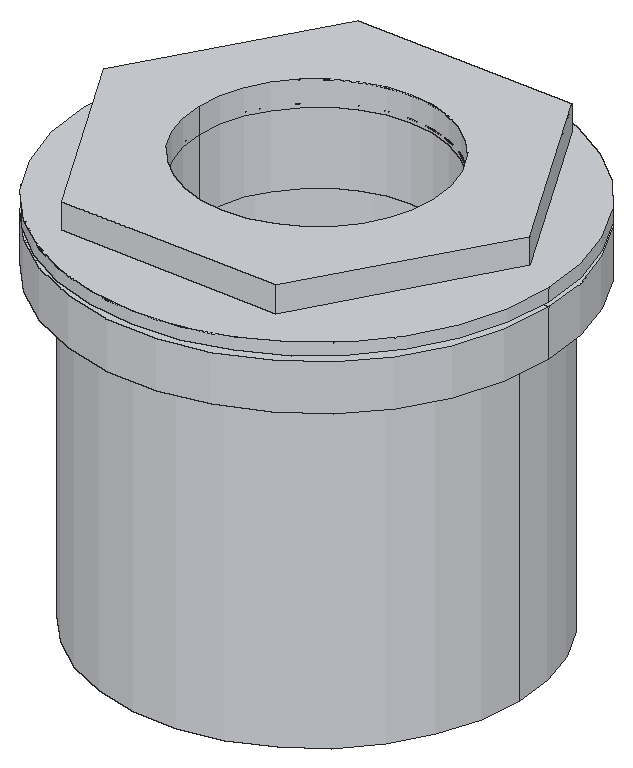
Revit family "FCS3G", category Generic Models, Revit 2017
Family settings
  Can host rebar = No
  Round Connector Dimension = Use Diameter
  Part Type = Normal
  Work Plane-Based = Yes
  Always vertical = No
  Cut with Voids When Loaded = No
  Shared = No
  Room Calculation Point = No
Parameters (values of type "NBS Standard Parameters")
  Weight = "0.17Kg"
  WarrantyStartDate [instance] = "1900-12-31T23:59:59"
  WarrantyGuarantorParts = "n/a"
  WarrantyGuarantorLabor = "n/a"
  WarrantyDurationUnit = "1 year"
  WarrantyDurationParts = "n/a"
  WarrantyDurationLabor = "n/a"
  WarrantyDescription = "n/a"
  Version = "1"
  Uniclass2 = "Pr_65_70_11_20"
  TagNumber [instance] = "n/a"
  SustainabilityPerformance = "n/a"
  Size = "32mm"
  Shape = "Circular"
  SerialNumber [instance] = "n/a"
  Revision = "n/a"
  ReplacementCost = "n/a"
  ProductInformation = "www.metpro.co.uk/pdf/FCS3G.pdf"
  NominalWidth = 38 mm
  NominalLength = 38 mm
  NominalHeight = 49 mm
  Name = ""
  NBSTypeID = ""
  NBSReference = "90-55-10/460"
  NBSOfficeMasterTag = ""
  NBSNote = ""
  NBSDescription = "Conduit Fittings"
  NBSCertification = ""
  ModelReference = "FCS3G"
  ModelNumber = "n/a"
  Material = "Steel Body, Lead Washer and Brass Bushes"
  ManufacturerURL = "www.metpro.co.uk"
  ManufacturerName = "Metpro Ltd"
  Keynote = "Compliant to LU standard 1-085"
  InstallationDate [instance] = "1900-12-31T23:59:59"
  IfcExportType = ""
  IfcExportAs = ""
  Grade = "n/a"
  Finish = "Galvanised"
  Features = "n/a"
  ExpectedLife = "n/a"
  DurationUnit = "year"
  Description = "FCS3G Flanged Coupler assembly"
  Default Elevation = 1219.2 mm
  Constituents = "n/a"
  Color = "n/a"
  CodePerformance = "n/a"
  Category = "n/a"
  BarCode [instance] = "n/a"
  BIMObjectName = "Metpro_metprolibrary_Conduitfittings_Metalcomponents_Steelaccessories"
  Author = "Metpro Limited"
  AssetType = ""
  AssetIdentifier [instance] = "n/a"
  AccessibilityPerformance = "n/a"
Reference planes
  plane 1 "Center (Front/Back)": y = 0
  plane 2: z = 0
  plane 3 "Center (Left/Right)": x = 0
Forms (mm)
  Revolve 1, solid
    sketch origin (10.708, -7.188, 0) x (1, 0, 0) y (0, 0, -1)
      loop
        line (-3.094, -17.18) -> (5.331, -17.18) -> (5.331, -11.68) -> (3.493, -11.68)
        arc (3.493, -11.68) -> (2.371, -11.215) -> (1.906, -10.093) r 1.587
        line (1.906, -10.093) -> (1.906, 25.82) -> (-3.094, 25.82) -> (-3.094, -17.18)
      axis (-22.156, -17.18) -> (-22.156, 25.82)
    angle from 0 to 360
  Extrusion 2, solid
    sketch origin (-11.449, -7.188, 17.18) x (0, -1, 0) y (1, 0, 0)
      loop
        circle (0, 0) r 27.487
      loop
        circle (0, 0) r 19.063
    from 0.623 to 2.023
  Extrusion 3, solid
    sketch origin (-11.449, -7.188, 17.18) x (0, -1, 0) y (1, 0, 0)
      loop
        circle (0, 0) r 19.063
      loop
        circle (0, 0) r 14
    from -4.85 to 4.239
  Extrusion 4, solid
    sketch origin (-11.449, -7.188, 21.419) x (0, -1, 0) y (1, 0, 0)
      loop
        circle (0, 0) r 14
      loop
        line (21.917, 12.654) -> (0, 25.308) -> (-21.917, 12.654) -> (-21.917, -12.654) -> (0, -25.308) -> (21.917, -12.654) -> (21.917, 12.654)
    from -0.483 to 2.517
Dimensions and locks
  aligned and locked: level to plane 2
